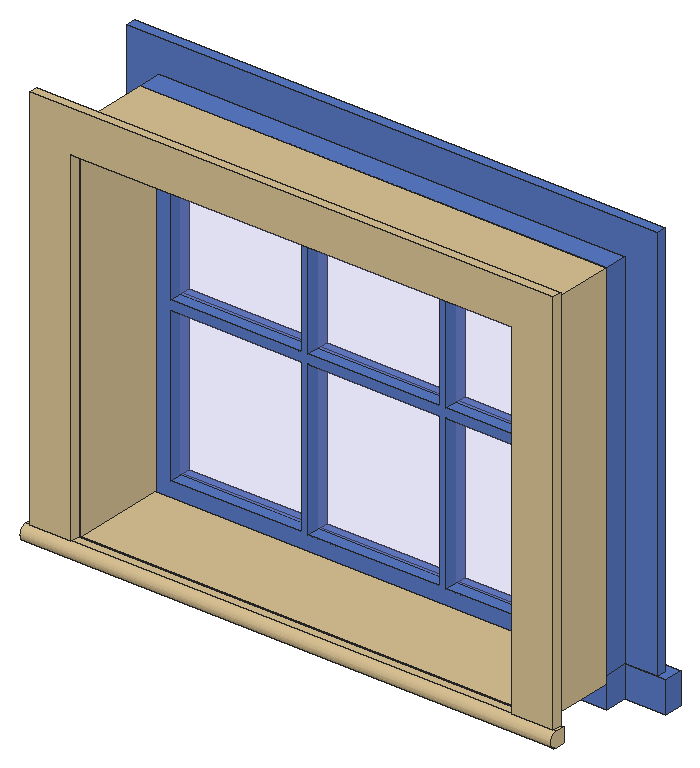
Revit family
Parameters (values of type "1000 x 800")
  Sash Depth = 50 mm
  Operation = "UserDefined"
  Assembly Code = "B2020100"
  Height = 810 mm
  Sash = none
  Sill Height = 900 mm
  CoverBd = none
  Architrave = none
  CoverBd Thickness = 20 mm
  Architrave Thickness = 19 mm
  CoverBd Width = 90 mm
  Architrave Width = 90 mm
  Wall Closure = (empty or 0)
  Width = 1010 mm
  Within Wall [instance] = 0 mm
Types (5, lengths in mm): name | Height | Sash | Sill Height | Width
  (no name) | 810 | none | 900 | 1010
  900 x 700 | 710 | none | 1050 | 910
  1000 x 800 | 810 | none | 900 | 1010
  1200 x 1000 | 1010 | Window - Sash, Paint | 750 | 1210
  900 x 900 | 910 | Window - Sash, Paint | 1050 | 910
Reference planes
  plane 1 "Glass": y = 63.265
  plane 2: z = 0
  plane 3 "Center": x = 0
  plane 4 "Left": x = -505
  plane 5 "Right": x = 505
  plane 6 "Sill": z = 900
  plane 7 "Top": z = 1710
  plane 8: y = 88.265
  plane 9: y = -165.735
  plane 10 "Top": z = 1305
  plane 11: x = -485.95
  plane 12: x = -575.95
  plane 13: x = -150.317
  plane 14: x = 485.95
  plane 15: x = 150.317
  plane 16: x = 575.95
  plane 17: z = 1780.95
  plane 18: z = 1768.25
  plane 19: z = 1690.95
  plane 20: z = 1678.25
  plane 21: z = 931.75
  plane 22: z = 841.75
  plane 23 "Closure": y = 88.265
  plane 24: x = -450.95
  plane 25: x = 450.95
  plane 26: y = 38.265
Forms (mm)
  Extrusion 1, solid
    sketch origin (0, 0, 0) x (1, 0, 0) y (0, 0, 1)
      loop
        line (-505, 1710) -> (-505, 900) -> (505, 900) -> (505, 1710) -> (-505, 1710)
      loop
        line (-485.95, 1690.95) -> (-485.95, 919.05) -> (485.95, 919.05) -> (485.95, 1690.95) -> (-485.95, 1690.95)
    from -88.265 to -38.265
  Extrusion 2, solid
    sketch origin (0, 0.535, 0) x (-1, 0, 0) y (0, 0, 1)
      loop
        line (-505, 1710) -> (-505, 900) -> (505, 900) -> (505, 1710) -> (-505, 1710)
      loop
        line (-473.25, 1678.25) -> (-473.25, 931.75) -> (473.25, 931.75) -> (473.25, 1678.25) -> (-473.25, 1678.25)
    from 37.731 to -166.269
  Extrusion 3, solid
    sketch origin (0, -106.735, 0) x (-1, 0, 0) y (0, 0, 1)
      loop
        line (-485.95, 1690.95) -> (-485.95, 919.05) -> (485.95, 919.05) -> (485.95, 1690.95) -> (-485.95, 1690.95)
      loop
        line (-441.5, 1646.5) -> (-441.5, 1314.525) -> (-157.142, 1314.525) -> (-157.142, 1646.5) -> (-441.5, 1646.5)
      loop
        line (-441.5, 963.5) -> (-157.142, 963.5) -> (-157.142, 1295.475) -> (-441.5, 1295.475) -> (-441.5, 963.5)
      loop
        line (441.5, 1646.5) -> (156.192, 1646.5) -> (156.192, 1314.525) -> (441.5, 1314.525) -> (441.5, 1646.5)
      loop
        line (441.5, 1295.475) -> (156.192, 1295.475) -> (156.192, 963.5) -> (441.5, 963.5) -> (441.5, 1295.475)
      loop
        line (-142.424, 963.5) -> (142.366, 963.5) -> (142.366, 1295.475) -> (-142.424, 1295.475) -> (-142.424, 963.5)
      loop
        line (-142.424, 1314.525) -> (142.366, 1314.525) -> (142.366, 1646.5) -> (-142.424, 1646.5) -> (-142.424, 1314.525)
    from 145 to 195
  Extrusion 4, solid
    sketch origin (0, 0, 900) x (0, -1, 0) y (1, 0, 0)
      loop
        line (-88.265, -505) -> (-38.265, -505) -> (-38.265, 505) -> (-88.265, 505) -> (-88.265, 593.597) -> (-128.265, 593.597) -> (-128.265, -596.1) -> (-88.265, -596.1) -> (-88.265, -505)
    from 17 to -50
  Sweep 5, solid, detail levels fine
    path origin (0, -165.735, 0) x (-1, 0, 0) y (0, 0, 1)
      loop
        line (473.25, 931.75) -> (473.25, 1678.25) -> (-473.25, 1678.25) -> (-473.25, 931.75)
    profile origin (0, 0, 1305) x (1, 0, 0) y (0, 1, 0)
      loop
        line (-478.25, -165.735) -> (-568.25, -165.735) -> (-568.25, -185.735) -> (-478.25, -185.735) -> (-478.25, -165.735)
  Extrusion 6, solid, material <- "Architrave", detail levels fine
    sketch origin (-505, 0, 0) x (0, -1, 0) y (0, 0, 1)
      loop
        line (165.735, 931.75) -> (165.735, 900) -> (185.735, 900)
        arc (185.735, 900) -> (201.61, 915.875) -> (185.735, 931.75) r 15.875
        line (185.735, 931.75) -> (165.735, 931.75)
    from 70.95 to -1080.95
  Extrusion 7, solid
    sketch origin (0, 63.265, 0) x (1, 0, 0) y (0, 0, 1)
      loop
        line (441.5, 1314.525) -> (441.5, 1646.5) -> (157.142, 1646.5) -> (157.142, 1314.525) -> (441.5, 1314.525)
      loop
        line (441.5, 1295.475) -> (157.142, 1295.475) -> (157.142, 963.5) -> (441.5, 963.5) -> (441.5, 1295.475)
      loop
        line (142.424, 1295.475) -> (-142.366, 1295.475) -> (-142.366, 963.5) -> (142.424, 963.5) -> (142.424, 1295.475)
      loop
        line (-156.192, 963.5) -> (-156.192, 1295.475) -> (-441.5, 1295.475) -> (-441.5, 963.5) -> (-156.192, 963.5)
      loop
        line (-156.192, 1646.5) -> (-441.5, 1646.5) -> (-441.5, 1314.525) -> (-156.192, 1314.525) -> (-156.192, 1646.5)
      loop
        line (-142.366, 1314.525) -> (142.424, 1314.525) -> (142.424, 1646.5) -> (-142.366, 1646.5) -> (-142.366, 1314.525)
    from 0 to -6
  Sweep 8, solid
    path in 3D
      loop
        line (-485.95, 88.265, 919.05) -> (-485.95, 88.265, 1690.95) -> (485.95, 88.265, 1690.95) -> (485.95, 88.265, 919.05)
    profile origin (-485.95, 88.265, 1305) x (0, 1, 0) y (-1, 0, 0)
      loop
        line (0, 0) -> (20, 0) -> (20, 90) -> (0, 90) -> (0, 0)
Lines and regions (mm)
  Opening 1
    outline origin (-1524, -165.735, 0) x (1, 0, 0) y (0, 0, 1)
      loop
        line (1019, 1710) -> (1019, 900) -> (2029, 900) -> (2029, 1710) -> (1019, 1710)
  symbolic lines, style "WindowsFrameMullionProjection"
    curve 1: line (-505, 88.265, 0) -> (-485.95, 88.265, 0)
    curve 2: line (-485.95, 38.265, 0) -> (-485.95, 88.265, 0)
    curve 3: line (-485.95, 38.265, 0) -> (-473.25, 38.265, 0)
    curve 4: line (-473.25, -165.735, 0) -> (-473.25, 38.265, 0)
    curve 5: line (505, 88.265, 0) -> (485.95, 88.265, 0)
    curve 6: line (473.25, 38.265, 0) -> (473.25, -165.735, 0)
    curve 7: line (473.25, 38.265, 0) -> (485.95, 38.265, 0)
    curve 8: line (485.95, 38.265, 0) -> (485.95, 88.265, 0)
    curve 12: line (-473.25, -165.735, 0) -> (-505, -165.735, 0)
    curve 13: line (473.25, -165.735, 0) -> (505, -165.735, 0)
  symbolic lines, style "WindowsGlassProjection", detail levels coarse
    curve 9: line (-441.5, 65.734, 0) -> (-156.192, 65.734, 0)
    curve 14: line (157.142, 65.734, 0) -> (441.5, 65.734, 0)
  symbolic lines, style "Elevation Swing"
    curve 10: line (0, 88.265, 1690.95) -> (-485.95, 88.265, 919.05)
    curve 11: line (0, 88.265, 1690.95) -> (485.95, 88.265, 919.05)
  symbolic lines, detail levels coarse
    curve 15: line (-142.366, 65.734, 0) -> (142.424, 65.734, 0)
  sketch lines
    curve 16: line (-485.95, 88.265, 919.05) -> (-485.95, 88.265, 1690.95)
    curve 17: line (-485.95, 88.265, 1690.95) -> (485.95, 88.265, 1690.95)
    curve 18: line (485.95, 88.265, 1690.95) -> (485.95, 88.265, 919.05)
Text (mm)
  text "EXTERIOR" at (-1274.596, 369.726, 0), in view "Ref. Level"
  text "INTERIOR" at (-1274.596, -387.67, 0), in view "Ref. Level"
  text "Exterior" at (0, 1624.786, 3015.802), in view "Left"
  text "Exterior" at (0, 525.552, 2329.863), in view "Right"
Dimensions and locks
  equal spacing: plane 4 "Left", plane 3 "Center", plane 5 "Right"
  "Width": plane 4 "Left" to plane 5 "Right"
  "Sill Height": plane 2 to plane 6 "Sill" to plane 7 "Top"
  equal spacing: plane 6 "Sill", plane 10 "Top", plane 7 "Top"
  locked: plane 4 "Left" to plane 11 at 19.05
  locked: plane 14 to plane 5 "Right" at 19.05
  locked: plane 19 to plane 7 "Top" at 19.05
  "CoverBd Width": plane 19 to plane 17
  "CoverBd Width": plane 14 to plane 16
  "CoverBd Width": plane 12 to plane 11
  locked: plane 7 "Top" to plane 20 at 31.75
  locked: plane 21 to plane 6 "Sill" at 31.75
  "Architrave Width": plane 18 to plane 20
  "Architrave Width": plane 21 to plane 22
  "Within Wall": plane 23 "Closure" to plane 8
  equal spacing: Extrusion 3, plane 10 "Top", Extrusion 3
  "Sash Depth": plane 26 to plane 23 "Closure"
  equal spacing: plane 24, plane 13, plane 15, plane 25
  plane 11 to plane 24 = 35 mm
  plane 25 to plane 14 = 35 mm
  equal spacing: plane 26, plane 1 "Glass", plane 8
  "CoverBd Thickness": Sweep 8 to Sweep 8
  aligned and locked: plane 7 "Top" to Opening 1 sketch curve
  aligned and locked: plane 6 "Sill" to Opening 1 sketch curve  (x2)
  aligned and locked: plane 5 "Right" to Opening 1 sketch curve
  aligned and locked: plane 4 "Left" to Opening 1 sketch curve
  aligned and locked: plane 9 to host wall
  aligned and locked: host wall to Extrusion 2
  aligned and locked: plane 8 to host wall
  aligned and locked: Extrusion 2 to curve 6
  aligned and locked: Extrusion 2 to curve 4
  aligned and locked: host wall to Extrusion 4 sketch curve  (x2)
  aligned and locked: Extrusion 3 to plane 23 "Closure"
  aligned and locked: plane 9 to Sweep 5 sketch curve  (x2)
  aligned and locked: Extrusion 2 to Extrusion 6 sketch curve
  aligned and locked: Extrusion 6 sketch curve to plane 6 "Sill"
  aligned and locked: host wall to Extrusion 6 sketch curve
  aligned and locked: Extrusion 2 to Extrusion 3
  aligned and locked: Extrusion 4 sketch curve to Extrusion 1
  aligned and locked: Extrusion 1 to curve 11
  aligned and locked: curve 10 to Extrusion 1
  aligned and locked: curve 14 to Extrusion 3
  aligned and locked: Extrusion 3 to curve 9
  aligned and locked: curve 9 to curve 14
  aligned and locked: Extrusion 7 sketch curve to Extrusion 3  (x20)
  aligned and locked: curve 15 to Extrusion 7
  aligned and locked: curve 9 to curve 15
  aligned and locked: curve 15 to Extrusion 3
  aligned and locked: Extrusion 1 to Extrusion 3
  aligned and locked: Extrusion 3 to plane 26
  aligned and locked: Extrusion 1 to plane 26
  aligned and locked: plane 26 to curve 7
  aligned and locked: curve 3 to plane 26
  aligned and locked: plane 23 "Closure" to Extrusion 4 sketch curve
  aligned and locked: Extrusion 4 sketch curve to plane 23 "Closure"
  aligned and locked: Sweep 8 sketch curve to plane 12
Automatic sketch dimensions
  Extrusion 1 sketch curve to plane 4 "Left" = 0 mm
  Extrusion 1 sketch curve to plane 5 "Right" = 0 mm
  Extrusion 1 sketch curve to plane 4 "Left" = 19.05 mm
  plane 5 "Right" to Extrusion 1 sketch curve = 19.05 mm
  Extrusion 1 sketch curve to plane 6 "Sill" = 0 mm
  Extrusion 1 sketch curve to plane 7 "Top" = 0 mm
  Extrusion 1 sketch curve to plane 6 "Sill" = 19.05 mm
  plane 7 "Top" to Extrusion 1 sketch curve = 19.05 mm
  Extrusion 2 sketch curve to plane 5 "Right" = 0 mm
  Extrusion 2 sketch curve to plane 4 "Left" = 0 mm
  plane 5 "Right" to Extrusion 2 sketch curve = 31.75 mm
  Extrusion 2 sketch curve to plane 4 "Left" = 31.75 mm
  Extrusion 2 sketch curve to plane 6 "Sill" = 0 mm
  Extrusion 2 sketch curve to plane 7 "Top" = 0 mm
  Extrusion 2 sketch curve to plane 6 "Sill" = 31.75 mm
  plane 7 "Top" to Extrusion 2 sketch curve = 31.75 mm
  profile plane to Sweep 5 sketch curve = 95 mm
  profile plane to Sweep 5 sketch curve = 5 mm
  Sweep 5 sketch curve to Sweep 5 sketch curve = 20 mm
  host wall to Extrusion 4 sketch curve = 40 mm
  plane 12 to Extrusion 4 sketch curve = 20.15 mm
  Extrusion 4 sketch curve to plane 16 = 17.647 mm
  Extrusion 3 sketch curve to plane 14 = 0 mm
  Extrusion 3 sketch curve to plane 11 = 0 mm
  Extrusion 3 sketch curve to plane 19 = 0 mm
  Extrusion 3 sketch curve to plane 25 = 9.45 mm  (x2)
  Extrusion 3 sketch curve to plane 15 = 6.825 mm  (x2)
  plane 15 to Extrusion 3 sketch curve = 7.892 mm  (x2)
  Extrusion 3 sketch curve to plane 13 = 7.95 mm  (x2)
  plane 13 to Extrusion 3 sketch curve = 5.875 mm  (x2)
  plane 24 to Extrusion 3 sketch curve = 9.45 mm  (x2)
  plane 20 to Extrusion 3 sketch curve = 31.75 mm  (x2)
  Extrusion 3 sketch curve to Extrusion 3 sketch curve = 0 mm  (x2)
  Extrusion 3 sketch curve to plane 10 "Top" = 9.525 mm  (x3)
  plane 10 "Top" to Extrusion 3 sketch curve = 9.525 mm  (x3)
  Extrusion 3 sketch curve to plane 21 = 31.75 mm  (x2)
  plane 21 to Extrusion 3 sketch curve = 12.7 mm
  curve 11 to plane 3 "Center" = 0 mm
  curve 11 to plane 19 = 0 mm
  curve 10 to plane 11 = 0 mm
  curve 11 to plane 14 = 0 mm
  plane 10 "Top" to Extrusion 7 sketch curve = 9.525 mm  (x2)
  plane 20 to Extrusion 7 sketch curve = 31.75 mm
  Extrusion 7 sketch curve to plane 10 "Top" = 9.525 mm
  curve 1 to host wall = 0 mm
  curve 1 to plane 4 "Left" = 0 mm
  curve 12 to host wall = 0 mm
  curve 12 to plane 4 "Left" = 0 mm
  curve 2 to plane 11 = 0 mm
  curve 8 to host wall = 0 mm
  curve 8 to plane 14 = 0 mm
  curve 5 to plane 5 "Right" = 0 mm
  curve 13 to host wall = 0 mm
  curve 13 to plane 5 "Right" = 0 mm
  curve 9 to plane 1 "Glass" = 2.468 mm
  plane 24 to curve 9 = 9.45 mm
  curve 14 to plane 25 = 9.45 mm
  Sweep 5 sketch curve to plane 20 = 0 mm
  Sweep 5 sketch curve to plane 21 = 0 mm  (x2)
  plane 14 to Sweep 5 sketch curve = 12.7 mm
  Sweep 5 sketch curve to plane 11 = 12.7 mm
  Sweep 8 sketch curve to profile plane = 0 mm  (x2)
  Sweep 8 sketch curve to profile plane = 20 mm
